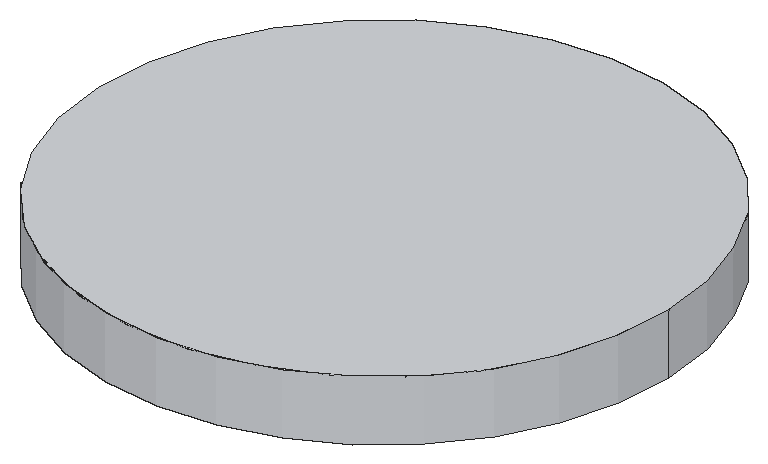
Revit family "Flooring-Systems-Buzon-DPH-F28 (Light Version)", category Generic Models, host Face, Revit 2015
Parameters (values of type "BUZON_DPHF28")
  Youtube clip = ""
  Weight Net (Kg) = "0"
  Uniformat II Description = "Floor Construction"
  Uniformat II Code = "B1010"
  Uniclass 2015 Name = "External floor tiling systems"
  Uniclass 2015 Code = "Ss_30_42_32_30"
  Uniclass 2.0 Description = "Flooring And Decking Systems"
  Uniclass 2.0 Code = "SS-20-20"
  Uniclass 1.4 Description = "Floor units"
  Uniclass 1.4 Code = "L83121"
  UNSPSC Code = "301617"
  Technical description = ""
  Region South America = "All"
  Region Oceania = "All"
  Region North America = "All"
  Region Middle East = "All"
  Region Europe = "All"
  Region Asia = "All"
  Region Antarctica = "All"
  Region Africa = "All"
  QR code = "http://bimobject.com/buzon/product/DPH-1"
  Product url = "http://www.buzon-world.com/en_US/products/dph-series.html"
  Product group = "Pedestal"
  Product family = "DPH"
  Product data url = "https://bimobject.com/buzon/product/DPH-1"
  Product certification = ""
  Product SKU = "DPH-1"
  Product Guid = "6ce69785-c204-4173-9675-df04cf31d1b6"
  Pedestal Material = Default_DPH_Material
  OmniClass Description = "Flooring Specialties and Accessories"
  OmniClass Code = "23-15 17 11"
  Nominal width = 0.0 mm
  Nominal height = 0.0 mm
  NBS Reference Description = "Flooring And Decking Systems"
  NBS Reference Code = "20-20"
  Material secondary = "Polypropylene"
  Material main = "Polypropylene"
  Masterformat 2014 Description = ""
  Masterformat 2014 Code = ""
  Manufacturer name = "Buzon"
  Manufacturer country = "Belgium"
  Installation instructions = ""
  IFC Classification = "Building Element"
  Height [instance] = 28.0 mm  # constant formula
  Default Elevation = 1200.0 mm
  Edition number = 1
  EAN code = ""
  Design country = "Belgium"
  Date of publishing = "12/21/2016"
  COBIe Type Category = ""
  Brand url = "http://www.buzon-world.com/en_US/home.html"
  BIMobject category = "Systems"
Reference planes
  plane 1 "Center (Front/Back)": y = 0
  plane 2: z = 0
  plane 3 "Center (Left/Right)": x = 0
  plane 4: x = 1219.2
  plane 5: x = -1219.2
  plane 6: z = 28
Forms (mm)
  Extrusion 1, solid, not visible
    sketch origin (0, 0, 0) x (1, 0, 0) y (0, 1, 0)
      loop
        circle (0, 0) r 100
    from 338.467 to 360
Dimensions and locks
  "Height": plane 6 to host face
  aligned and locked: plane 2 to host face
  aligned and locked: level to host face
Automatic sketch dimensions
  host sketch curve to host sketch curve = 2438.4 mm  (x2)
Nested families
  nested 1: "DPH1" at (0, 0, 0), Material <- "Pedestal Material", type "DPH1", detail levels coarse+medium
    with Material Default_DPH_Material
Definition of nested family "DPH1"
  Parameters (values of type "DPH1")
    Youtube clip = ""
    Weight Net (Kg) = 0
    Uniformat II Description = ""
    Uniformat II Code = ""
    Uniclass 2015 Name = ""
    Uniclass 2015 Code = ""
    Uniclass 2.0 Description = ""
    Uniclass 2.0 Code = ""
    Uniclass 1.4 Description = ""
    Uniclass 1.4 Code = ""
    UNSPSC Code = ""
    Technical description = ""
    Region South America = "All"
    Region Oceania = "All"
    Region North America = "All"
    Region Middle East = "All"
    Region Europe = "All"
    Region Asia = "All"
    Region Antarctica = "All"
    Region Africa = "All"
    QR code = "http://bimobject.com/demo-pl/product/igor_1"
    Product name = "igor_test"
    Product group = ""
    Product family = ""
    Product data url = "https://bimobject.com/demo-pl/product/igor_1"
    Product certification = ""
    Product SKU = "igor_1"
    Product Guid = "4c18444a-81e5-491c-bd44-c98c617819f1"
    OmniClass Description = ""
    OmniClass Code = ""
    Nominal width = 0
    Nominal height = 0
    NBS Reference Description = ""
    NBS Reference Code = ""
    Material [instance] = none
    Masterformat 2014 Description = ""
    Masterformat 2014 Code = ""
    Manufacturer name = "Demo-PL"
    Manufacturer country = ""
    Installation instructions = ""
    IFC Classification = "Furniture"
    Edition number = 1
    EAN code = ""
    Design country = ""
    Date of publishing = ""
    COBIe Type Category = ""
    BIMobject category = ""
  Reference planes
    plane 1 "Center (Front/Back)": y = 0
    plane 2: z = 0
    plane 3 "Center (Left/Right)": x = 0
  Dimensions and locks
    aligned and locked: plane 2 to level
  Imported bodies without a history: 1
